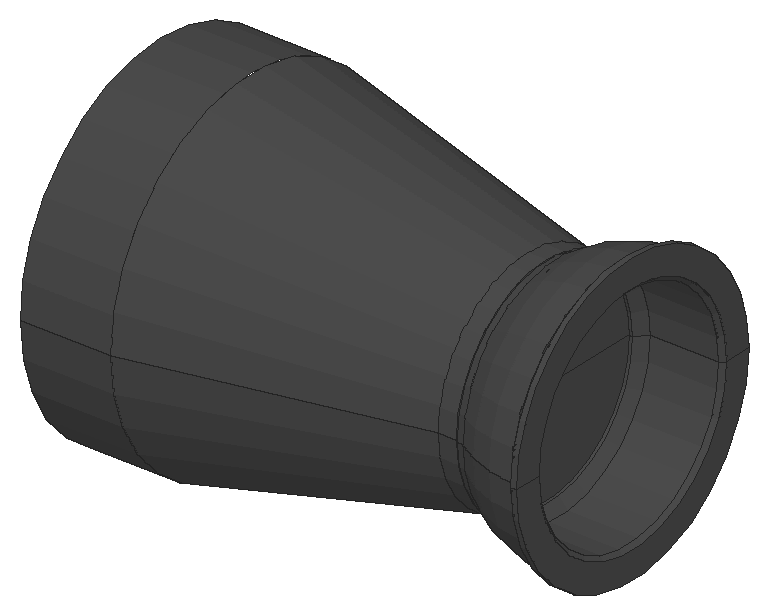
Revit family "FoFo_PB_ReducCon", category Pipe Fittings, Revit 2025
Family settings
  Round Connector Dimension = Use Radius
  Part Type = Transition
  OmniClass Number = 23.60.30.11.14
  OmniClass Title = Pipework Fittings
  Work Plane-Based = Yes
  Always vertical = No
  Cut with Voids When Loaded = No
  Shared = Yes
Parameters (values of type "RPBJGS_0400x250")
  DN2 = "250"
  Material_Conexao = FOFO
  Manufacturer = "SGC"
  Loss Method = K Coefficient from Table
  K Coefficient Table = "Tee"
  Junta_2_Tipo = FoFo_BO_Junta : JGS_0250
  Description = "Redução ponta e bolsa concêntrica"
  Default Elevation = 0.0 mm
  DN1 = "400"
  Corpo_RE2 = 0.5 * Corpo_DE2  # 137.0 mm
  Corpo_L1 = 110.0 mm
  Corpo_L = 470.0 mm
  Corpo_RE1 = 0.5 * Corpo_DE1  # 214.5 mm
  Corpo_DE2 = 274.0 mm
  Corpo_DE1 = 429.0 mm
Reference planes
  plane 1 "EixoP": y = 0
  plane 2: z = 0
  plane 3 "EixoS": x = 468.25
  plane 4 "EE": x = 358.25
  plane 5 "ED": x = 828.25
  plane 6: y = 214.5
  plane 7: y = -214.5
  plane 8: y = 137
  plane 9: y = -137
Forms (mm)
  Revolve 1, solid, material "FOFO" <- "Material_Conexao"
    sketch origin (0, 0, 0) x (1, 0, 0) y (0, 1, 0)
      loop
        line (358.25, 214.5) -> (358.25, 0) -> (828.25, 0) -> (828.25, 137) -> (805.13, 137) -> (468.25, 214.5) -> (358.25, 214.5)
      axis (358.25, 0) -> (828.25, 0)
    angle from 0 to 360
Dimensions and locks
  "Corpo_L": plane 4 "EE" to plane 5 "ED"
  "Corpo_RE2": plane 8 to plane 1 "EixoP"
  "Corpo_RE1": plane 6 to plane 1 "EixoP"
  "Corpo_RE1": plane 7 to plane 1 "EixoP"
  equal spacing: plane 8, plane 1 "EixoP", plane 9
  equal spacing: plane 6, plane 1 "EixoP", plane 7
  "Corpo_L1": plane 4 "EE" to plane 3 "EixoS"
  aligned and locked: plane 4 "EE" to Revolve 1 sketch curve
  aligned and locked: Revolve 1 sketch curve to plane 1 "EixoP"
  aligned and locked: Revolve 1 sketch curve to plane 6
  aligned and locked: Revolve 1 sketch curve to plane 5 "ED"
  aligned and locked: Revolve 1 sketch curve to Revolve 1 sketch curve
  aligned and locked: plane 5 "ED" to nested 1
Automatic sketch dimensions
  Revolve 1 sketch curve to plane 4 "EE" = 0.0 mm
  Revolve 1 sketch curve to plane 3 "EixoS" = 0.0 mm
  Revolve 1 sketch curve to plane 5 "ED" = 0.0 mm
  Revolve 1 sketch curve to plane 8 = 0.0 mm
  Revolve 1 sketch curve to plane 5 "ED" = 23.12 mm
Nested families
  nested 1: "FoFo_BO_Junta" at (-1790, 0, 0), type <- "Junta_2_Tipo", type "JGS_0250"
Connectors
  piping at (828.25, 0, 0), diameter 274, driven by "Corpo_RE2"
    settings: on Revolve 1, index 1, connector inside diameter 24", connector length 0.0 mm, flow factor 0, pipe flow 0 GPM, pressure drop 0.00 psi, fitting loss kfactor 0, connector angle 0.00°, fixture units 0, engagement length 0.0 mm, angle of deflection 0.00°, flow configuration 0, flow direction 0, fitting loss method 0, system type 7, joint type 0, gender type 0, connector reference index -1, connector utility 0, adjustable connector no, is connector primary yes, connector description ""
  piping at (358.25, 0, 0), diameter 429, driven by "Corpo_RE1"
    settings: on Revolve 1, index 2, connector inside diameter 24", connector length 0.0 mm, flow factor 0, pipe flow 0 GPM, pressure drop 0.00 psi, fitting loss kfactor 0, connector angle 0.00°, fixture units 0, engagement length 0.0 mm, angle of deflection 0.00°, flow configuration 0, flow direction 0, fitting loss method 0, system type 7, joint type 0, gender type 0, connector reference index -1, connector utility 0, adjustable connector no, is connector primary no, connector description ""
Definition of nested family "FoFo_BO_Junta"
  Parameters (values of type "JGS_0400")
    Manufacturer = "SGC"
    Loss Method = 1
    K Coefficient Table = "Tee"
    Description = "Bolsas JGS - JTI - JTE"
    Default Elevation = 0.0 mm
    DN = "400"
    Bolsa_RL = 0.5 * Bolsa_DL  # 200.0 mm
    Material_Conexao = none
    Bolsa_DL = 400.0 mm
    Bolsa_Borde3 = Bolsa_Borde1 * 1.1  # 7.7 mm
    Bolsa_Borde1 = 7.0 mm
    Bolsa_RI = 0.5 * Bolsa_DI  # 216.0 mm
    Bolsa_RE = 0.5 * Bolsa_DE  # 214.5 mm
    Bolsa_RB = 0.5 * Bolsa_DB  # 258.5 mm
    Bolsa_Borde2 = Bolsa_Borde1 * 2  # 14.0 mm
    Bolsa_P = 112.0 mm
    Bolsa_E2 = 0.5 * Bolsa_E  # 3.0 mm
    Bolsa_E = 6.0 mm
    Bolsa_DI = 432.0 mm
    Bolsa_DE = 429.0 mm
    Bolsa_DB = 517.0 mm
  Types (16, lengths in mm): name | DN | Bolsa_RL | Bolsa_DL | Bolsa_RI | Bolsa_RE | Bolsa_RB | Bolsa_P | Bolsa_DI | Bolsa_DE | Bolsa_DB
    JGS_1200 | "1200" | 600.0 | 1200.0 | 629.0 | 627.5 | 706.0 | 167.0 | 1258.0 | 1255.0 | 1412.0
    JGS_1000 | "1000" | 500.0 | 1000.0 | 525.5 | 524.0 | 595.5 | 157.0 | 1051.0 | 1048.0 | 1191.0
    JGS_0900 | "900" | 450.0 | 900.0 | 474.0 | 472.5 | 541.0 | 147.0 | 948.0 | 945.0 | 1082.0
    JGS_0800 | "800" | 400.0 | 800.0 | 422.5 | 421.0 | 487.0 | 147.0 | 845.0 | 842.0 | 974.0
    JGS_0700 | "700" | 350.0 | 700.0 | 370.5 | 369.0 | 431.5 | 147.0 | 741.0 | 738.0 | 863.0
    JGS_0600 | "600" | 300.0 | 600.0 | 319.0 | 317.5 | 369.5 | 122.0 | 638.0 | 635.0 | 739.0
    JGS_0500 | "500" | 250.0 | 500.0 | 267.5 | 266.0 | 315.0 | 117.0 | 535.0 | 532.0 | 630.0
    JGS_0450 | "450" | 225.0 | 450.0 | 241.5 | 240.0 | 287.5 | 115.0 | 483.0 | 480.0 | 575.0
    JGS_0400 | "400" | 200.0 | 400.0 | 216.0 | 214.5 | 258.5 | 112.0 | 432.0 | 429.0 | 517.0
    JGS_0350 | "350" | 175.0 | 350.0 | 190.5 | 189.0 | 232.5 | 110.0 | 381.0 | 378.0 | 465.0
    JGS_0300 | "300" | 150.0 | 300.0 | 164.5 | 163.0 | 205.0 | 107.0 | 329.0 | 326.0 | 410.0
    JGS_0250 | "250" | 125.0 | 250.0 | 138.5 | 137.0 | 176.5 | 105.0 | 277.0 | 274.0 | 353.0
    JGS_0200 | "200" | 100.0 | 200.0 | 112.5 | 111.0 | 148.0 | 106.0 | 225.0 | 222.0 | 296.0
    JGS_0150 | "150" | 75.0 | 150.0 | 86.5 | 85.0 | 121.5 | 100.0 | 173.0 | 170.0 | 243.0
    JGS_0100 | "100" | 50.0 | 100.0 | 60.5 | 59.0 | 94.5 | 94.0 | 121.0 | 118.0 | 189.0
    JGS_0080 | "80" | 40.0 | 80.0 | 50.5 | 49.0 | 84.0 | 92.0 | 101.0 | 98.0 | 168.0
  Reference planes
    plane 1 "EixoP": y = 0
    plane 2: z = 0
    plane 3 "EixoS": x = 2618.25
    plane 4: x = 2730.25
    plane 5: y = 258.5
    plane 6: y = 216
    plane 7: y = 214.5
    plane 8: y = 200
  Forms (mm)
    Revolve 1, solid, material <- "Material_Conexao"
      sketch origin (-3000, 0, 0) x (1, 0, 0) y (0, 1, 0)
        loop
          arc (5716.25, 250.8) -> (5670.117, 241.457) -> (5628.857, 218.804) r 156.302
          line (5628.857, 218.804) -> (5618.25, 214.5) -> (5618.25, 200.5) -> (5623.25, 200.5) -> (5633.25, 216) -> (5725.25, 216) -> (5730.25, 221) -> (5730.25, 258.5) -> (5723.25, 258.5) -> (5716.25, 250.8)
        axis (5618.25, 0) -> (5730.25, 0)
      angle from 0 to 360
  Lines and regions (mm)
    model lines, detail levels coarse
      curve 1: line (2618.25, 0, 0) -> (2648.25, 0, 0)
      curve 2: arc (2698.25, 50, 0) -> (2648.25, 0, 0) -> (2698.25, -50, 0) r 50
  Dimensions and locks
    "Bolsa_Borde1": Revolve 1 sketch curve to Revolve 1 sketch curve
    "Bolsa_Borde2": Revolve 1 sketch curve to Revolve 1 sketch curve
    "Bolsa_Borde3": Revolve 1 sketch curve to Revolve 1 sketch curve
    "Bolsa_P": plane 3 "EixoS" to Revolve 1 sketch curve
    "Bolsa_P": plane 4 to plane 3 "EixoS"
    "Bolsa_RB": plane 5 to plane 1 "EixoP"
    "Bolsa_RI": plane 6 to plane 1 "EixoP"
    "Bolsa_RE": plane 7 to plane 1 "EixoP"
    "Bolsa_RL": plane 8 to plane 1 "EixoP"
    aligned and locked: Revolve 1 sketch curve to plane 1 "EixoP"
    aligned and locked: Revolve 1 sketch curve to plane 5
    aligned and locked: plane 6 to Revolve 1 sketch curve
  Automatic sketch dimensions
    curve 1 to plane 1 "EixoP" = 0.0 mm
    curve 1 to plane 3 "EixoS" = 0.0 mm
    plane 1 "EixoP" to curve 2 = 0.0 mm
    plane 3 "EixoS" to curve 2 = 80.0 mm
    plane 3 "EixoS" to curve 1 = 30.0 mm
    Revolve 1 sketch curve to plane 3 "EixoS" = 0.0 mm  (x2)
    Revolve 1 sketch curve to plane 7 = 0.0 mm
    plane 8 to Revolve 1 sketch curve = 0.5 mm
    plane 3 "EixoS" to Revolve 1 sketch curve = 5.0 mm
    plane 6 to Revolve 1 sketch curve = 2.804 mm
    plane 3 "EixoS" to Revolve 1 sketch curve = 10.607 mm
    Revolve 1 sketch curve to Revolve 1 sketch curve = 4.393 mm
    Revolve 1 sketch curve to plane 4 = 6.397 mm
    Revolve 1 sketch curve to plane 4 = 5.0 mm
    plane 6 to Revolve 1 sketch curve = 5.0 mm
    plane 4 to Revolve 1 sketch curve = 9.153 mm
Types in the file's own list only (20): name | DN2 | Junta_2_Tipo | DN1 | Corpo_RE2 | Corpo_L1 | Corpo_L | Corpo_RE1 | Corpo_DE2 | Corpo_DE1
  RPBJGS_0100x080 | "80" | FoFo_BO_Junta : JGS_0080 | "100" | 49.0 mm | 92.0 mm | 200.0 mm | 59.0 mm | 98.0 mm | 118.0 mm
  RPBJGS_0150x080 | "80" | FoFo_BO_Junta : JGS_0080 | "150" | 49.0 mm | 98.0 mm | 300.0 mm | 85.0 mm | 98.0 mm | 170.0 mm
  RPBJGS_0150x100 | "100" | FoFo_BO_Junta : JGS_0100 | "150" | 59.0 mm | 98.0 mm | 300.0 mm | 85.0 mm | 118.0 mm | 170.0 mm
  RPBJGS_0200x080 | "80" | FoFo_BO_Junta : JGS_0080 | "200" | 49.0 mm | 104.0 mm | 300.0 mm | 111.0 mm | 98.0 mm | 222.0 mm
  RPBJGS_0200x100 | "100" | FoFo_BO_Junta : JGS_0100 | "200" | 59.0 mm | 104.0 mm | 300.0 mm | 111.0 mm | 118.0 mm | 222.0 mm
  RPBJGS_0200x150 | "150" | FoFo_BO_Junta : JGS_0150 | "200" | 85.0 mm | 104.0 mm | 300.0 mm | 111.0 mm | 170.0 mm | 222.0 mm
  RPBJGS_0250x100 | "100" | FoFo_BO_Junta : JGS_0100 | "250" | 59.0 mm | 104.0 mm | 350.0 mm | 137.0 mm | 118.0 mm | 274.0 mm
  RPBJGS_0250x150 | "150" | FoFo_BO_Junta : JGS_0150 | "250" | 85.0 mm | 104.0 mm | 250.0 mm | 137.0 mm | 170.0 mm | 274.0 mm
  RPBJGS_0300x150 | "150" | FoFo_BO_Junta : JGS_0150 | "300" | 85.0 mm | 105.0 mm | 450.0 mm | 163.0 mm | 170.0 mm | 326.0 mm
  RPBJGS_0300x200 | "200" | FoFo_BO_Junta : JGS_0200 | "300" | 111.0 mm | 105.0 mm | 350.0 mm | 163.0 mm | 222.0 mm | 326.0 mm
  RPBJGS_0300x250 | "250" | FoFo_BO_Junta : JGS_0250 | "300" | 137.0 mm | 105.0 mm | 250.0 mm | 163.0 mm | 274.0 mm | 326.0 mm
  RPBJGS_0350x200 | "200" | FoFo_BO_Junta : JGS_0200 | "350" | 111.0 mm | 108.0 mm | 460.0 mm | 189.0 mm | 222.0 mm | 378.0 mm
  RPBJGS_0350x250 | "250" | FoFo_BO_Junta : JGS_0250 | "350" | 137.0 mm | 108.0 mm | 360.0 mm | 189.0 mm | 274.0 mm | 378.0 mm
  RPBJGS_0350x300 | "300" | FoFo_BO_Junta : JGS_0300 | "350" | 163.0 mm | 108.0 mm | 260.0 mm | 189.0 mm | 326.0 mm | 378.0 mm
  RPBJGS_0400x300 | "300" | FoFo_BO_Junta : JGS_0300 | "400" | 163.0 mm | 110.0 mm | 370.0 mm | 214.5 mm | 326.0 mm | 429.0 mm
  RPBJGS_0400x350 | "350" | FoFo_BO_Junta : JGS_0350 | "400" | 189.0 mm | 110.0 mm | 270.0 mm | 214.5 mm | 378.0 mm | 429.0 mm
  RPBJGS_0500x350 | "350" | FoFo_BO_Junta : JGS_0350 | "500" | 189.0 mm | 115.0 mm | 480.0 mm | 266.0 mm | 378.0 mm | 532.0 mm
  RPBJGS_0500x400 | "400" | FoFo_BO_Junta : JGS_0600 | "500" | 214.5 mm | 115.0 mm | 380.0 mm | 266.0 mm | 429.0 mm | 532.0 mm
  RPBJGS_0600x400 | "400" | FoFo_BO_Junta : JGS_0400 | "600" | 214.5 mm | 120.0 mm | 580.0 mm | 317.5 mm | 429.0 mm | 635.0 mm
  RPBJGS_0600x500 | "500" | FoFo_BO_Junta : JGS_0500 | "600" | 266.0 mm | 120.0 mm | 380.0 mm | 317.5 mm | 532.0 mm | 635.0 mm
